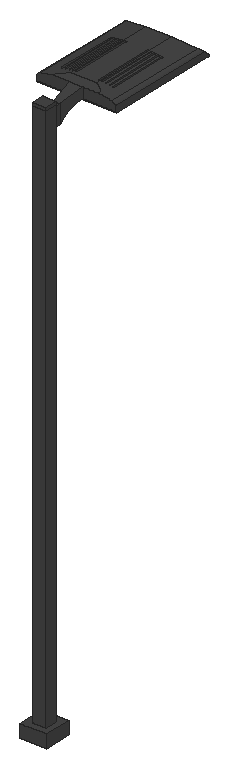
Revit family "ALT240", category Lighting Fixtures, Revit 2014
Parameters (values of type "ALT240")
  Width = 14.00"
  Wattage Comments = "269"
  Voltage = 120 V
  URL = "https://www.hubbell.com/kimlighting/en"
  Type Comments = "Lighting Fixture"  # constant formula
  Series = "Altitude"  # constant formula
  Product Page URL = "https://www.hubbell.com/kimlighting/en/Products/Lighting-Controls/Commercial-Outdoor-Lighting/Area-Site-Roadway/Altitude/p/248453"
  Product Documentation Link = "https://hubbellcdn.com/specsheet/kl_alt240_spec.pdf"
  Power Factor = 1
  Pole Width = 4.00"
  Pole Height [instance] = 180.00"
  Pole = yes
  Photometric Web Link = "https://www.hubbell.com/kimlighting/en/Products/Lighting-Controls/Commercial-Outdoor-Lighting/Area-Site-Roadway/Altitude/p/248453#prod-photometry-section"
  Photometric Notes = "More IES files download on Photometric Web Link"  # constant formula
  Offset From Pole = 6.12"
  Number of Poles = 1
  Model = "ALT240"
  Manufacturer = "KIM Lighting"  # constant formula
  Light source [instance] = Pole Height - 3.50"  # 176.50"
  Lens = Glass - Hubbell -  Lens
  Lamp = "default"
  LED = Powder Coat-Kim-Platinum Silver
  Fixture Height = 7.50"
  Finish = Plastic - Hubbell - Black
  Description = "The ALTITUDE® is the ultimate in luminaire design innovation with a unique balance of form, engineering and superior optics. The low-profile housing is proportional and scalable with three sizes to cover more pedestrian/site/roadway environments than ever before. The result is an architecturally relevant luminaire of unsurpassed quality and flexibility that maximizes the power and performance."  # constant formula
  Depth = 18.44"
  Certifications = "UL Listed"
  Center Width = 3.00"
  Assembly Code = "D5020200"
  Apparent Load = 269 VA
Reference planes (in)
  plane 1 "Light Source Axis (F/B)": y = 0
  plane 2: z = 0
  plane 3 "Light Source Axis (L/R)": x = 1.5
  plane 4 "Light Source Elevation": z = 176.5
  plane 5 "Back": y = -15.34
Dimensions and locks (in)
  "Light source": plane 4 "Light Source Elevation" to plane 2
  aligned and locked: nested 1 to plane 3 "Light Source Axis (L/R)"
  aligned and locked: nested 1 to plane 5 "Back"
  aligned and locked: plane 4 "Light Source Elevation" to nested 2
Nested families (in)
  nested 1: "Kim_Lighting-Square_Pole" at (1.5, -17.34, 0) x (-1, 0, 0) z (0, 0, 1), visible <- "Pole", type "Kim_Lighting-Square_Pole"
    with Width 4.00", Height 180.00", Base Cover 8.625"
  nested 2: "ALT" at (0.24657, -15.34, 172.58501) x (-1, 0, 0) z (0, 1, 0), type "ALT"
Connectors (in)
  electrical at (1.5, -15.34, 18), driven by "Power Factor", driven by "Apparent Load", driven by "Apparent Load", driven by "Voltage", driven by "Number of Poles"
    settings: on nested 1, index 1, voltage 120 V, apparent load 269 VA, apparent load phase1 269 VA, apparent load phase2 0 VA, apparent load phase3 0 VA, power factor 1, load classification "Lighting", number of poles 1, system type 30, power factor state 1, is connector primary yes, connector utility no, sub classification motor no, connector description "Lighting Connector"
Definition of nested family "Kim_Lighting-Square_Pole"
  Parameters
    Width = 5.00"
    URL = "http://www.kimlighting.com/"
    Type Comments = "Non-Tapered Pole"
    Model = "Square Pole"  # constant formula
    Manufacturer = "KIM Lighting"  # constant formula
    Height = 240.00"
    Finish = none
    Base Cover = if(Width = 5.00", 12.625", 8.625")  # 12.625"
  Reference planes (in)
    plane 1 "Center (Front/Back)": y = 0
    plane 2: z = 0
    plane 3 "Center (Left/Right)": x = 0
    plane 4 "Front": y = -2.5
    plane 5 "Left": x = -2.5
    plane 6 "Right": x = 2.5
    plane 7 "Back": y = 2.5
    plane 8 "Top": z = 240
    plane 9: x = -6.3125
    plane 10: x = 6.3125
    plane 11: y = 6.3125
    plane 12: y = -6.3125
    plane 13: z = 18
  Forms (in)
    Extrusion 1, solid, material <- "Finish"
      sketch origin (0, 0, 0) x (1, 0, 0) y (0, 1, 0)
        loop
          line (-2.5, -2.5) -> (2.5, -2.5) -> (2.5, 2.5) -> (-2.5, 2.5) -> (-2.5, -2.5)
      from 0 to 240
    Extrusion 2, solid, material <- "Finish", detail levels medium+fine
      sketch origin (0, 0, 0) x (1, 0, 0) y (0, 1, 0)
        loop
          line (-6.3125, -6.3125) -> (6.3125, -6.3125) -> (6.3125, 6.3125) -> (-6.3125, 6.3125) -> (-6.3125, -6.3125)
        loop
          line (-2.5, -2.5) -> (2.5, -2.5) -> (2.5, 2.5) -> (-2.5, 2.5) -> (-2.5, -2.5)
      from 0 to 4
    Extrusion 3, solid, material <- "Finish", detail levels fine
      sketch origin (0, 0, 0) x (1, 0, 0) y (0, 0, 1)
        loop
          line (-1.5, 15) -> (1.5, 15) -> (1.5, 21) -> (-1.5, 21) -> (-1.5, 15)
      from 2.5 to 2.5625
    Extrusion 4, solid, material <- "Finish", detail levels fine
      sketch origin (0, 0, 240) x (-1, 0, 0) y (0, -1, 0)
        loop
          line (2.5625, 2.5625) -> (-2.5625, 2.5625) -> (-2.5625, -2.5625) -> (2.5625, -2.5625) -> (2.5625, 2.5625)
      from 0.10394 to -0.89606
  Lines and regions (in)
    Masking region 1
      outline origin (0, 0, 0) x (1, 0, 0) y (0, 0, 1)
        loop
          line (-2.5, 0) -> (2.5, 0) -> (2.5, 240) -> (-2.5, 240) -> (-2.5, 0)
    Masking region 2, detail levels medium+fine
      outline origin (0, 0, 0) x (1, 0, 0) y (0, 0, 1)
        loop
          line (-6.3125, 0) -> (6.3125, 0) -> (6.3125, 4) -> (-6.3125, 4) -> (-6.3125, 0)
    Masking region 3, detail levels fine
      outline origin (0, 0, 0) x (1, 0, 0) y (0, 0, 1)
        loop
          line (-2.5625, 239.10394) -> (2.5625, 239.10394) -> (2.5625, 240.10394) -> (-2.5625, 240.10394) -> (-2.5625, 239.10394)
    Masking region 4
      outline origin (0, 0, 0) x (0, 1, 0) y (0, 0, 1)
        loop
          line (2.5, 0) -> (2.5, 240) -> (-2.5, 240) -> (-2.5, 0) -> (2.5, 0)
    Masking region 5, detail levels medium+fine
      outline origin (0, 0, 0) x (0, 1, 0) y (0, 0, 1)
        loop
          line (6.3125, 0) -> (6.3125, 4) -> (-6.3125, 4) -> (-6.3125, 0) -> (6.3125, 0)
    Masking region 6, detail levels fine
      outline origin (0, 0, 0) x (0, 1, 0) y (0, 0, 1)
        loop
          line (2.5625, 239.10394) -> (2.5625, 240.10394) -> (-2.5625, 240.10394) -> (-2.5625, 239.10394) -> (2.5625, 239.10394)
    Masking region 7, detail levels medium+fine
      outline origin (0, 0, 0) x (1, 0, 0) y (0, 1, 0)
        loop
          line (-6.3125, -6.3125) -> (6.3125, -6.3125) -> (6.3125, 6.3125) -> (-6.3125, 6.3125) -> (-6.3125, -6.3125)
        loop
          line (-2.5, -2.5) -> (2.5, -2.5) -> (2.5, 2.5) -> (-2.5, 2.5) -> (-2.5, -2.5)
    Masking region 8
      outline origin (0, 0, 0) x (1, 0, 0) y (0, 1, 0)
        loop
          line (-2.5, -2.5) -> (2.5, -2.5) -> (2.5, 2.5) -> (-2.5, 2.5) -> (-2.5, -2.5)
    symbolic lines, detail levels fine
      curve 1: line (-1.5, 0, 15) -> (1.5, 0, 15)
      curve 2: line (-1.5, 0, 21) -> (-1.5, 0, 15)
      curve 3: line (1.5, 0, 21) -> (-1.5, 0, 21)
      curve 4: line (1.5, 0, 15) -> (1.5, 0, 21)
  Dimensions and locks (in)
    equal spacing: plane 7 "Back", plane 1 "Center (Front/Back)", plane 4 "Front"
    equal spacing: plane 5 "Left", plane 3 "Center (Left/Right)", plane 6 "Right"
    "Width": plane 7 "Back" to plane 4 "Front"
    "Width": plane 5 "Left" to plane 6 "Right"
    plane 3 "Center (Left/Right)" to Extrusion 1 = 2.50"
    "Height": plane 8 "Top" to level
    equal spacing: plane 11, plane 1 "Center (Front/Back)", plane 12
    "Base Cover": plane 11 to plane 12
    equal spacing: plane 9, plane 3 "Center (Left/Right)", plane 10
    "Base Cover": plane 9 to plane 10
    locked: Extrusion 2 to level at 4
    locked: plane 13 to level at 18
    Extrusion 3 sketch curve to plane 13 to Extrusion 3 sketch curve = 3.00" locked, 3.00" locked
    Extrusion 3 sketch curve to plane 3 "Center (Left/Right)" to Extrusion 3 sketch curve = 1.50" locked, 1.50" locked
    locked: plane 4 "Front" to Extrusion 3 at 0.0625
    Extrusion 4 to plane 8 "Top" to Extrusion 4 = 0.10394" locked, 0.89606" locked
    aligned and locked: plane 5 "Left" to Extrusion 1 sketch curve
    aligned and locked: Extrusion 1 sketch curve to plane 4 "Front"
    aligned and locked: plane 7 "Back" to Extrusion 1 sketch curve
    aligned and locked: Extrusion 1 sketch curve to plane 6 "Right"
    aligned and locked: plane 8 "Top" to Extrusion 1
    aligned and locked: plane 9 to Extrusion 2 sketch curve
    aligned and locked: Extrusion 2 sketch curve to plane 12
    aligned and locked: plane 11 to Extrusion 2 sketch curve
    aligned and locked: Extrusion 2 sketch curve to plane 10
    aligned and locked: Extrusion 1 to Extrusion 2 sketch curve
    aligned and locked: Extrusion 2 sketch curve to Extrusion 1  (x3)
    aligned and locked: plane 4 "Front" to Extrusion 3
    aligned: plane 8 "Top" to Extrusion 4
    aligned and locked: Masking region 1 sketch curve to Extrusion 1  (x2)
    aligned and locked: plane 8 "Top" to Masking region 1 sketch curve
    aligned and locked: Masking region 1 sketch curve to plane 6 "Right"
    aligned and locked: Masking region 2 sketch curve to Extrusion 2  (x2)
    aligned and locked: Extrusion 2 to Masking region 2 sketch curve
    aligned and locked: Masking region 2 sketch curve to plane 10
    aligned and locked: Extrusion 3 to curve 1
    aligned and locked: curve 1 to Extrusion 3
    aligned and locked: curve 4 to Extrusion 3  (x2)
    aligned and locked: Masking region 3 sketch curve to Extrusion 4  (x3)
    aligned and locked: Extrusion 4 to Masking region 3 sketch curve
    aligned and locked: Masking region 4 sketch curve to Extrusion 1  (x3)
    aligned and locked: Extrusion 1 to Masking region 4 sketch curve
    aligned and locked: Masking region 5 sketch curve to Extrusion 2  (x3)
    aligned and locked: Extrusion 2 to Masking region 5 sketch curve
    aligned and locked: Masking region 6 sketch curve to Extrusion 4  (x3)
    aligned and locked: Extrusion 4 to Masking region 6 sketch curve
    aligned and locked: Extrusion 2 to Masking region 7 sketch curve
    aligned and locked: Masking region 7 sketch curve to Extrusion 2  (x3)
    aligned and locked: Extrusion 1 to Masking region 8 sketch curve
    aligned and locked: Masking region 8 sketch curve to Extrusion 1  (x3)
    aligned and locked: Extrusion 1 to Masking region 7 sketch curve
    aligned and locked: Masking region 7 sketch curve to Extrusion 1  (x3)
  Automatic sketch dimensions
    Extrusion 4 sketch curve to plane 6 "Right" = 0.0625"
    plane 5 "Left" to Extrusion 4 sketch curve = 0.0625"
    plane 7 "Back" to Extrusion 4 sketch curve = 0.0625"
    Extrusion 4 sketch curve to plane 4 "Front" = 0.0625"
Definition of nested family "ALT"
  Parameters (values of type "ALT")
    Wattage Comments = "70W"
    Wattage = 269 W
    built-in parameter 1150110 = 1 (stored number, unit not read)
    Voltage = 120 V
    URL = "http://www.kimlighting.com/"
    built-in parameter 1114217 = 1 (stored number, unit not read)
    Tilt Angle = 0.00°
    built-in parameter 1150109 = 1 (stored number, unit not read)
    built-in parameter 1150134 = 3
    built-in parameter 1150113 = 1 (stored number, unit not read)
    Product Page URL = "http://www.kimlighting.com/products/altitude/"
    Photometric Web File = "ALT1P35-240L3K.ies"
    Model = "ALT"  # constant formula
    Manufacturer = "Kim Lighting"  # constant formula
    built-in parameter 1150105 = 1798.1 (stored number, unit not read)
    Lumens = 22596 lm
    built-in parameter 1150115 = 1 (stored number, unit not read)
    Load Classification = Lighting
    built-in parameter 1150137 = (empty or 0)
    built-in parameter 1150139 = (empty or 0)
    built-in parameter 1150112 = 1 (stored number, unit not read)
    built-in parameter 1150114 = 1 (stored number, unit not read)
    Lamp = " 60 LEDs"  # constant formula
    LED Driver = none
    built-in parameter 1150132 = (empty or 0)
    built-in parameter 1150102 = (empty or 0)
    built-in parameter 1150107 = 3200 (stored number, unit not read)
    built-in parameter 1150138 = (empty or 0)
    built-in parameter 1150106 = 17.981 (stored number, unit not read)
    Glass Material = Glass - Hubbell -  Lens
    Glass = Glass - Hubbell -  Lens
    built-in parameter 1150104 = 7.8039 (stored number, unit not read)
    Dimming Lamp Color Temperature Shift = (empty or 0)
    Description = "The ultimate in LED luminaire design featuring innovative engineering, thermal management and unique patented1 PicoPrism optics"  # constant formula
    Default Elevation = 48.00"
    Connector Description = "Lighting"  # constant formula
    Color Filter = 16777215
    built-in parameter 1114218 = 1 (stored number, unit not read)
    Backbox = Plastic - Hubbell - Black
    built-in parameter 1150133 = 10 (stored number, unit not read)
    Apparent Load = 0 VA
  Reference planes (in)
    plane 1 "Center (Front/Back)": y = 0.03999
    plane 2: z = 0
    plane 3 "Center (Left/Right)": x = -2.04767
    plane 4: y = 3.91499
    plane 5: y = 8.03999
    plane 6: z = 2
    plane 7: z = 9.75
    plane 8: y = 4.41499
    plane 9: z = 21.375
    plane 10: z = 46.5
    plane 11: x = -14.54767
    plane 12: x = 10.45233
  Forms (in)
    Extrusion 1, solid
      sketch origin (0, 0, 0.06357) x (1, 0, 0) y (0, 1, 0)
        loop
          line (-48, 48) -> (-48, -48) -> (44.30817, -48) -> (44.30817, 48) -> (-48, 48)
      from -0.06357 to -6.74357
    Extrusion 2, solid, material "Plastic - Hubbell - Black" <- "Backbox"
      sketch origin (-2.04767, 0, 0) x (0, 1, 0) y (0, 0, 1)
        loop
          line (3.91499, 10.1309) -> (4.2959, 9.75) -> (7.67966, 9.75)
          arc (7.67966, 9.75) -> (7.87824, 11.2487) -> (8.038, 12.75203) r 58.45778
          line (8.038, 12.75203) -> (8.038, 42.5842) -> (4.21269, 46.4115)
          arc (4.21269, 46.4115) -> (4.02265, 46.44934) -> (3.91499, 46.28823) r 0.17437
          line (3.91499, 46.28823) -> (3.91499, 10.1309)
      from -12.5 to 12.5
    Extrusion 3, solid, material "Plastic - Hubbell - Black" <- "Backbox"
      sketch origin (-2.04767, 0, 0) x (0, 1, 0) y (0, 0, 1)
        loop
          arc (6.00731, 2) -> (6.97503, 5.84662) -> (7.67966, 9.75) r 58.45778
          line (7.67966, 9.75) -> (4.2959, 9.75)
          arc (4.2959, 9.75) -> (2.99944, 5.41838) -> (0.03999, 2) r 10.77544
          line (0.03999, 2) -> (6.00731, 2)
      from -8.5 to 8.5
    Extrusion 4, solid, material "Plastic - Hubbell - Black" <- "Backbox"
      sketch origin (-2.04767, 0, 0) x (0, 1, 0) y (0, 0, 1)
        loop
          arc (5.39238, 0) -> (5.7088, 0.99725) -> (6.00731, 2) r 58.45778
          line (6.00731, 2) -> (0.03999, 2) -> (0.03999, 0) -> (5.39238, 0)
      from -8.5 to 8.5
    Extrusion 5, void
      sketch origin (0, 0.03999, 0) x (1, 0, 0) y (0, 0, 1)
        loop
          line (0.04152, 9.75) -> (-1.04767, 2) -> (-1.04767, 0) -> (6.45233, 0) -> (6.45233, 9.75) -> (0.04152, 9.75)
        loop
          line (-4.13686, 9.75) -> (-10.54767, 9.75) -> (-10.54767, 0) -> (-3.04767, 0) -> (-3.04767, 2) -> (-4.13686, 9.75)
      from -8 to 0
    Extrusion 6, void
      sketch origin (0, 0.03999, 0) x (1, 0, 0) y (0, 0, 1)
        loop
          line (7.93508, 39) -> (-11.84038, 39) -> (-11.84038, 15.5673) -> (7.93508, 15.5673) -> (7.93508, 39)
      from -5.63501 to -3.875
    Extrusion 7, solid, material "Glass - Hubbell -  Lens" <- "Glass"
      sketch origin (-2.04767, 0, 0) x (0, 1, 0) y (0, 0, 1)
        loop
          line (3.91499, 15.5673) -> (4.41499, 15.5673) -> (4.41499, 39) -> (3.91499, 39) -> (3.91499, 15.5673)
      from -9.79271 to 9.98275
    Extrusion 8, void
      sketch origin (-2.4276, 0.40583, 0) x (-0.98729, -0.158926, 0) y (0, 0, -1)
        loop
          line (3.2306, -33.65381) -> (3.2306, -14.40381) -> (2.7306, -14.40381) -> (2.7306, -33.65381) -> (3.2306, -33.65381)
        loop
          line (4.3556, -33.65381) -> (4.3556, -14.40381) -> (3.8556, -14.40381) -> (3.8556, -33.65381) -> (4.3556, -33.65381)
        loop
          line (5.6056, -33.65381) -> (5.6056, -14.40381) -> (5.1056, -14.40381) -> (5.1056, -33.65381) -> (5.6056, -33.65381)
        loop
          line (6.7306, -33.65381) -> (6.7306, -14.40381) -> (6.2306, -14.40381) -> (6.2306, -33.65381) -> (6.7306, -33.65381)
        loop
          line (2.2306, -33.65381) -> (2.2306, -14.40381) -> (1.7306, -14.40381) -> (1.7306, -33.65381) -> (2.2306, -33.65381)
      from -9.06872 to -7.24417
    Extrusion 9, solid, material <- "LED Driver"
      sketch origin (5.47397, -179.89764, 22.76642) x (0, 0, -1) y (0, -1, 0)
        loop
          line (6.05585, -185.56694) -> (7.01439, -185.56694)
          arc (7.01439, -185.56694) -> (6.96846, -185.03619) -> (6.75322, -184.54888) r 1.62363
          line (6.75322, -184.54888) -> (5.5006, -184.54888)
          arc (5.5006, -184.54888) -> (5.87786, -185.00357) -> (6.05585, -185.56694) r 1.53777
      from 1.98786 to 4.1619
    Extrusion 10, solid, material "Glass - Hubbell -  Lens" <- "Glass Material"
      sketch origin (-2.09746, -172.92664, 68.39877) x (-0.000372, 0.978148, -0.207911) y (-0.999998, 0, 0.001789)
        loop
          line (184.54888, -5.42074) -> (184.54888, -4.67074) -> (184.41762, -4.80201) -> (184.32071, -4.70511)
          arc (184.32071, -4.70511) -> (184.26716, -5.04574) -> (184.32071, -5.38637) r 1.11021
          line (184.32071, -5.38637) -> (184.41762, -5.28947) -> (184.54888, -5.42074)
        loop
          line (184.54888, -3.8381) -> (184.41038, -3.9766) -> (184.30814, -3.87436)
          arc (184.30814, -3.87436) -> (184.25164, -4.23376) -> (184.30814, -4.59316) r 1.17138
          line (184.30814, -4.59316) -> (184.41038, -4.49092) -> (184.54888, -4.62942) -> (184.54888, -3.8381)
      from -14.15361 to -13.40215
    Extrusion 11, solid, material <- "LED Driver"
      sketch origin (7.898, -179.89764, 22.76642) x (0, 0, -1) y (0, -1, 0)
        loop
          line (6.05585, -185.56694) -> (7.01439, -185.56694)
          arc (7.01439, -185.56694) -> (6.96846, -185.03619) -> (6.75322, -184.54888) r 1.62363
          line (6.75322, -184.54888) -> (5.5006, -184.54888)
          arc (5.5006, -184.54888) -> (5.87786, -185.00357) -> (6.05585, -185.56694) r 1.53777
      from 1.98786 to 4.1619
    Extrusion 12, solid, material "Glass - Hubbell -  Lens" <- "Glass Material"
      sketch origin (0.32658, -172.92664, 68.39877) x (-0.000372, 0.978148, -0.207911) y (-0.999998, 0, 0.001789)
        loop
          line (184.54888, -5.42074) -> (184.54888, -4.67074) -> (184.41762, -4.80201) -> (184.32071, -4.70511)
          arc (184.32071, -4.70511) -> (184.26716, -5.04574) -> (184.32071, -5.38637) r 1.11021
          line (184.32071, -5.38637) -> (184.41762, -5.28947) -> (184.54888, -5.42074)
        loop
          line (184.54888, -3.8381) -> (184.41038, -3.9766) -> (184.30814, -3.87436)
          arc (184.30814, -3.87436) -> (184.25164, -4.23376) -> (184.30814, -4.59316) r 1.17138
          line (184.30814, -4.59316) -> (184.41038, -4.49092) -> (184.54888, -4.62942) -> (184.54888, -3.8381)
      from -14.15361 to -13.40215
    Extrusion 13, void
      sketch origin (0, 0, 1.5) x (1, 0, 0) y (0, 1, 0)
        loop
          arc (0.30732, 8.09817) -> (4.79575, 7.79186) -> (9.20349, 6.8909) r 33.72732
          arc (9.20349, 6.8909) -> (10.10724, 6.38776) -> (10.61661, 5.4875) r 1.91169
          line (10.61661, 5.4875) -> (10.61661, 9.16499) -> (0.30732, 9.16499) -> (0.30732, 8.09817)
        loop
          line (-4.40255, 8.07943) -> (-4.40255, 8.91607) -> (-14.67959, 8.91607) -> (-14.67959, 5.4875)
          arc (-14.67959, 5.4875) -> (-14.18719, 6.37248) -> (-13.3051, 6.87004) r 1.86653
          arc (-13.3051, 6.87004) -> (-8.89429, 7.77258) -> (-4.40255, 8.07943) r 33.71838
      from 7.75792 to 45
    Extrusion 14, solid, material <- "LED Driver"
      sketch origin (-4.19739, -179.89764, 24.97483) x (0.866025, 0, -0.5) y (0, -1, 0)
        loop
          line (6.05585, -185.56694) -> (7.01439, -185.56694)
          arc (7.01439, -185.56694) -> (6.96846, -185.03619) -> (6.75322, -184.54888) r 1.62363
          line (6.75322, -184.54888) -> (5.5006, -184.54888)
          arc (5.5006, -184.54888) -> (5.87786, -185.00357) -> (6.05585, -185.56694) r 1.53777
      from 1.98786 to 4.1619
    Extrusion 15, solid, material "Glass - Hubbell -  Lens" <- "Glass Material"
      sketch origin (-47.50188, -172.92664, 41.23396) x (0.179871, 0.978148, -0.104278) y (-0.501549, 0, -0.865129)
        loop
          line (184.54888, -5.42074) -> (184.54888, -4.67074) -> (184.41762, -4.80201) -> (184.32071, -4.70511)
          arc (184.32071, -4.70511) -> (184.26716, -5.04574) -> (184.32071, -5.38637) r 1.11021
          line (184.32071, -5.38637) -> (184.41762, -5.28947) -> (184.54888, -5.42074)
        loop
          line (184.54888, -3.8381) -> (184.41038, -3.9766) -> (184.30814, -3.87436)
          arc (184.30814, -3.87436) -> (184.25164, -4.23376) -> (184.30814, -4.59316) r 1.17138
          line (184.30814, -4.59316) -> (184.41038, -4.49092) -> (184.54888, -4.62942) -> (184.54888, -3.8381)
      from -14.15361 to -13.40215
    Extrusion 16, void
      sketch origin (-1.66774, 0.40583, 0) x (0.98729, -0.158926, 0) y (0, 0, 1)
        loop
          line (3.2306, 33.65381) -> (2.7306, 33.65381) -> (2.7306, 14.40381) -> (3.2306, 14.40381) -> (3.2306, 33.65381)
        loop
          line (4.3556, 33.65381) -> (3.8556, 33.65381) -> (3.8556, 14.40381) -> (4.3556, 14.40381) -> (4.3556, 33.65381)
        loop
          line (5.6056, 33.65381) -> (5.1056, 33.65381) -> (5.1056, 14.40381) -> (5.6056, 14.40381) -> (5.6056, 33.65381)
        loop
          line (6.7306, 33.65381) -> (6.2306, 33.65381) -> (6.2306, 14.40381) -> (6.7306, 14.40381) -> (6.7306, 33.65381)
        loop
          line (2.2306, 33.65381) -> (1.7306, 33.65381) -> (1.7306, 14.40381) -> (2.2306, 14.40381) -> (2.2306, 33.65381)
      from -9.06872 to -7.24417
    Extrusion 17, solid, material <- "LED Driver"
      sketch origin (3.22397, -179.89764, 22.76642) x (0, 0, -1) y (0, -1, 0)
        loop
          line (6.05585, -185.56694) -> (7.01439, -185.56694)
          arc (7.01439, -185.56694) -> (6.96846, -185.03619) -> (6.75322, -184.54888) r 1.62363
          line (6.75322, -184.54888) -> (5.5006, -184.54888)
          arc (5.5006, -184.54888) -> (5.87786, -185.00357) -> (6.05585, -185.56694) r 1.53777
      from 1.98786 to 4.1619
    Extrusion 18, solid, material "Glass - Hubbell -  Lens" <- "Glass Material"
      sketch origin (-4.34746, -172.92664, 68.39877) x (-0.000372, 0.978148, -0.207911) y (-0.999998, 0, 0.001789)
        loop
          line (184.54888, -5.42074) -> (184.54888, -4.67074) -> (184.41762, -4.80201) -> (184.32071, -4.70511)
          arc (184.32071, -4.70511) -> (184.26716, -5.04574) -> (184.32071, -5.38637) r 1.11021
          line (184.32071, -5.38637) -> (184.41762, -5.28947) -> (184.54888, -5.42074)
        loop
          line (184.54888, -3.8381) -> (184.41038, -3.9766) -> (184.30814, -3.87436)
          arc (184.30814, -3.87436) -> (184.25164, -4.23376) -> (184.30814, -4.59316) r 1.17138
          line (184.30814, -4.59316) -> (184.41038, -4.49092) -> (184.54888, -4.62942) -> (184.54888, -3.8381)
      from -14.15361 to -13.40215
    Extrusion 19, solid, material <- "LED Driver"
      sketch origin (0.97397, -179.89764, 22.76642) x (0, 0, -1) y (0, -1, 0)
        loop
          line (6.05585, -185.56694) -> (7.01439, -185.56694)
          arc (7.01439, -185.56694) -> (6.96846, -185.03619) -> (6.75322, -184.54888) r 1.62363
          line (6.75322, -184.54888) -> (5.5006, -184.54888)
          arc (5.5006, -184.54888) -> (5.87786, -185.00357) -> (6.05585, -185.56694) r 1.53777
      from 1.98786 to 4.1619
    Extrusion 20, solid, material "Glass - Hubbell -  Lens" <- "Glass Material"
      sketch origin (-6.59746, -172.92664, 68.39877) x (-0.000372, 0.978148, -0.207911) y (-0.999998, 0, 0.001789)
        loop
          line (184.54888, -5.42074) -> (184.54888, -4.67074) -> (184.41762, -4.80201) -> (184.32071, -4.70511)
          arc (184.32071, -4.70511) -> (184.26716, -5.04574) -> (184.32071, -5.38637) r 1.11021
          line (184.32071, -5.38637) -> (184.41762, -5.28947) -> (184.54888, -5.42074)
        loop
          line (184.54888, -3.8381) -> (184.41038, -3.9766) -> (184.30814, -3.87436)
          arc (184.30814, -3.87436) -> (184.25164, -4.23376) -> (184.30814, -4.59316) r 1.17138
          line (184.30814, -4.59316) -> (184.41038, -4.49092) -> (184.54888, -4.62942) -> (184.54888, -3.8381)
      from -14.15361 to -13.40215
    Extrusion 21, solid, material <- "LED Driver"
      sketch origin (-9.56931, -179.89764, 22.76642) x (0, 0, -1) y (0, 1, 0)
        loop
          arc (6.05585, 185.56694) -> (5.87786, 185.00357) -> (5.5006, 184.54888) r 1.53777
          line (5.5006, 184.54888) -> (6.75322, 184.54888)
          arc (6.75322, 184.54888) -> (6.96846, 185.03619) -> (7.01439, 185.56694) r 1.62363
          line (7.01439, 185.56694) -> (6.05585, 185.56694)
      from 1.98786 to 4.1619
    Extrusion 22, solid, material "Glass - Hubbell -  Lens" <- "Glass Material"
      sketch origin (-1.99788, -172.92664, 68.39877) x (0.000372, 0.978148, -0.207911) y (-0.999998, 0, -0.001789)
        loop
          line (184.54888, 5.42074) -> (184.41762, 5.28947) -> (184.32071, 5.38637)
          arc (184.32071, 5.38637) -> (184.26716, 5.04574) -> (184.32071, 4.70511) r 1.11021
          line (184.32071, 4.70511) -> (184.41762, 4.80201) -> (184.54888, 4.67074) -> (184.54888, 5.42074)
        loop
          line (184.54888, 3.8381) -> (184.54888, 4.62942) -> (184.41038, 4.49092) -> (184.30814, 4.59316)
          arc (184.30814, 4.59316) -> (184.25164, 4.23376) -> (184.30814, 3.87436) r 1.17138
          line (184.30814, 3.87436) -> (184.41038, 3.9766) -> (184.54888, 3.8381)
      from -14.15361 to -13.40215
    Extrusion 23, solid, material <- "LED Driver"
      sketch origin (-11.99334, -179.89764, 22.76642) x (0, 0, -1) y (0, 1, 0)
        loop
          arc (6.05585, 185.56694) -> (5.87786, 185.00357) -> (5.5006, 184.54888) r 1.53777
          line (5.5006, 184.54888) -> (6.75322, 184.54888)
          arc (6.75322, 184.54888) -> (6.96846, 185.03619) -> (7.01439, 185.56694) r 1.62363
          line (7.01439, 185.56694) -> (6.05585, 185.56694)
      from 1.98786 to 4.1619
    Extrusion 24, solid, material "Glass - Hubbell -  Lens" <- "Glass Material"
      sketch origin (-4.42192, -172.92664, 68.39877) x (0.000372, 0.978148, -0.207911) y (-0.999998, 0, -0.001789)
        loop
          line (184.54888, 5.42074) -> (184.41762, 5.28947) -> (184.32071, 5.38637)
          arc (184.32071, 5.38637) -> (184.26716, 5.04574) -> (184.32071, 4.70511) r 1.11021
          line (184.32071, 4.70511) -> (184.41762, 4.80201) -> (184.54888, 4.67074) -> (184.54888, 5.42074)
        loop
          line (184.54888, 3.8381) -> (184.54888, 4.62942) -> (184.41038, 4.49092) -> (184.30814, 4.59316)
          arc (184.30814, 4.59316) -> (184.25164, 4.23376) -> (184.30814, 3.87436) r 1.17138
          line (184.30814, 3.87436) -> (184.41038, 3.9766) -> (184.54888, 3.8381)
      from -14.15361 to -13.40215
    Extrusion 25, solid, material <- "LED Driver"
      sketch origin (-7.31931, -179.89764, 22.76642) x (0, 0, -1) y (0, 1, 0)
        loop
          arc (6.05585, 185.56694) -> (5.87786, 185.00357) -> (5.5006, 184.54888) r 1.53777
          line (5.5006, 184.54888) -> (6.75322, 184.54888)
          arc (6.75322, 184.54888) -> (6.96846, 185.03619) -> (7.01439, 185.56694) r 1.62363
          line (7.01439, 185.56694) -> (6.05585, 185.56694)
      from 1.98786 to 4.1619
    Extrusion 26, solid, material "Glass - Hubbell -  Lens" <- "Glass Material"
      sketch origin (0.25212, -172.92664, 68.39877) x (0.000372, 0.978148, -0.207911) y (-0.999998, 0, -0.001789)
        loop
          line (184.54888, 5.42074) -> (184.41762, 5.28947) -> (184.32071, 5.38637)
          arc (184.32071, 5.38637) -> (184.26716, 5.04574) -> (184.32071, 4.70511) r 1.11021
          line (184.32071, 4.70511) -> (184.41762, 4.80201) -> (184.54888, 4.67074) -> (184.54888, 5.42074)
        loop
          line (184.54888, 3.8381) -> (184.54888, 4.62942) -> (184.41038, 4.49092) -> (184.30814, 4.59316)
          arc (184.30814, 4.59316) -> (184.25164, 4.23376) -> (184.30814, 3.87436) r 1.17138
          line (184.30814, 3.87436) -> (184.41038, 3.9766) -> (184.54888, 3.8381)
      from -14.15361 to -13.40215
    Extrusion 27, solid, material <- "LED Driver"
      sketch origin (-2.08393, -179.89764, 24.97483) x (0.866025, 0, -0.5) y (0, -1, 0)
        loop
          line (6.05585, -185.56694) -> (7.01439, -185.56694)
          arc (7.01439, -185.56694) -> (6.96846, -185.03619) -> (6.75322, -184.54888) r 1.62363
          line (6.75322, -184.54888) -> (5.5006, -184.54888)
          arc (5.5006, -184.54888) -> (5.87786, -185.00357) -> (6.05585, -185.56694) r 1.53777
      from 1.98786 to 4.1619
    Extrusion 28, solid, material "Glass - Hubbell -  Lens" <- "Glass Material"
      sketch origin (-45.38842, -172.92664, 41.23396) x (0.179871, 0.978148, -0.104278) y (-0.501549, 0, -0.865129)
        loop
          line (184.54888, -5.42074) -> (184.54888, -4.67074) -> (184.41762, -4.80201) -> (184.32071, -4.70511)
          arc (184.32071, -4.70511) -> (184.26716, -5.04574) -> (184.32071, -5.38637) r 1.11021
          line (184.32071, -5.38637) -> (184.41762, -5.28947) -> (184.54888, -5.42074)
        loop
          line (184.54888, -3.8381) -> (184.41038, -3.9766) -> (184.30814, -3.87436)
          arc (184.30814, -3.87436) -> (184.25164, -4.23376) -> (184.30814, -4.59316) r 1.17138
          line (184.30814, -4.59316) -> (184.41038, -4.49092) -> (184.54888, -4.62942) -> (184.54888, -3.8381)
      from -14.15361 to -13.40215
    Extrusion 29, solid, material <- "LED Driver"
      sketch origin (0.17988, -179.89764, 24.97483) x (0.866025, 0, -0.5) y (0, -1, 0)
        loop
          line (6.05585, -185.56694) -> (7.01439, -185.56694)
          arc (7.01439, -185.56694) -> (6.96846, -185.03619) -> (6.75322, -184.54888) r 1.62363
          line (6.75322, -184.54888) -> (5.5006, -184.54888)
          arc (5.5006, -184.54888) -> (5.87786, -185.00357) -> (6.05585, -185.56694) r 1.53777
      from 1.98786 to 4.1619
    Extrusion 30, solid, material "Glass - Hubbell -  Lens" <- "Glass Material"
      sketch origin (-43.12461, -172.92664, 41.23396) x (0.179871, 0.978148, -0.104278) y (-0.501549, 0, -0.865129)
        loop
          line (184.54888, -5.42074) -> (184.54888, -4.67074) -> (184.41762, -4.80201) -> (184.32071, -4.70511)
          arc (184.32071, -4.70511) -> (184.26716, -5.04574) -> (184.32071, -5.38637) r 1.11021
          line (184.32071, -5.38637) -> (184.41762, -5.28947) -> (184.54888, -5.42074)
        loop
          line (184.54888, -3.8381) -> (184.41038, -3.9766) -> (184.30814, -3.87436)
          arc (184.30814, -3.87436) -> (184.25164, -4.23376) -> (184.30814, -4.59316) r 1.17138
          line (184.30814, -4.59316) -> (184.41038, -4.49092) -> (184.54888, -4.62942) -> (184.54888, -3.8381)
      from -14.15361 to -13.40215
    Extrusion 31, solid, material <- "LED Driver"
      sketch origin (-4.19739, -179.89764, 27.97483) x (0.866025, 0, -0.5) y (0, -1, 0)
        loop
          line (6.05585, -185.56694) -> (7.01439, -185.56694)
          arc (7.01439, -185.56694) -> (6.96846, -185.03619) -> (6.75322, -184.54888) r 1.62363
          line (6.75322, -184.54888) -> (5.5006, -184.54888)
          arc (5.5006, -184.54888) -> (5.87786, -185.00357) -> (6.05585, -185.56694) r 1.53777
      from 1.98786 to 4.1619
    Extrusion 32, solid, material "Glass - Hubbell -  Lens" <- "Glass Material"
      sketch origin (-47.50188, -172.92664, 44.23396) x (0.179871, 0.978148, -0.104278) y (-0.501549, 0, -0.865129)
        loop
          line (184.54888, -5.42074) -> (184.54888, -4.67074) -> (184.41762, -4.80201) -> (184.32071, -4.70511)
          arc (184.32071, -4.70511) -> (184.26716, -5.04574) -> (184.32071, -5.38637) r 1.11021
          line (184.32071, -5.38637) -> (184.41762, -5.28947) -> (184.54888, -5.42074)
        loop
          line (184.54888, -3.8381) -> (184.41038, -3.9766) -> (184.30814, -3.87436)
          arc (184.30814, -3.87436) -> (184.25164, -4.23376) -> (184.30814, -4.59316) r 1.17138
          line (184.30814, -4.59316) -> (184.41038, -4.49092) -> (184.54888, -4.62942) -> (184.54888, -3.8381)
      from -14.15361 to -13.40215
    Extrusion 33, solid, material <- "LED Driver"
      sketch origin (-2.08393, -179.89764, 27.97483) x (0.866025, 0, -0.5) y (0, -1, 0)
        loop
          line (6.05585, -185.56694) -> (7.01439, -185.56694)
          arc (7.01439, -185.56694) -> (6.96846, -185.03619) -> (6.75322, -184.54888) r 1.62363
          line (6.75322, -184.54888) -> (5.5006, -184.54888)
          arc (5.5006, -184.54888) -> (5.87786, -185.00357) -> (6.05585, -185.56694) r 1.53777
      from 1.98786 to 4.1619
    Extrusion 34, solid, material "Glass - Hubbell -  Lens" <- "Glass Material"
      sketch origin (-45.38842, -172.92664, 44.23396) x (0.179871, 0.978148, -0.104278) y (-0.501549, 0, -0.865129)
        loop
          line (184.54888, -5.42074) -> (184.54888, -4.67074) -> (184.41762, -4.80201) -> (184.32071, -4.70511)
          arc (184.32071, -4.70511) -> (184.26716, -5.04574) -> (184.32071, -5.38637) r 1.11021
          line (184.32071, -5.38637) -> (184.41762, -5.28947) -> (184.54888, -5.42074)
        loop
          line (184.54888, -3.8381) -> (184.41038, -3.9766) -> (184.30814, -3.87436)
          arc (184.30814, -3.87436) -> (184.25164, -4.23376) -> (184.30814, -4.59316) r 1.17138
          line (184.30814, -4.59316) -> (184.41038, -4.49092) -> (184.54888, -4.62942) -> (184.54888, -3.8381)
      from -14.15361 to -13.40215
    Extrusion 35, solid, material <- "LED Driver"
      sketch origin (0.17988, -179.89764, 27.97483) x (0.866025, 0, -0.5) y (0, -1, 0)
        loop
          line (6.05585, -185.56694) -> (7.01439, -185.56694)
          arc (7.01439, -185.56694) -> (6.96846, -185.03619) -> (6.75322, -184.54888) r 1.62363
          line (6.75322, -184.54888) -> (5.5006, -184.54888)
          arc (5.5006, -184.54888) -> (5.87786, -185.00357) -> (6.05585, -185.56694) r 1.53777
      from 1.98786 to 4.1619
    Extrusion 36, solid, material "Glass - Hubbell -  Lens" <- "Glass Material"
      sketch origin (-43.12461, -172.92664, 44.23396) x (0.179871, 0.978148, -0.104278) y (-0.501549, 0, -0.865129)
        loop
          line (184.54888, -5.42074) -> (184.54888, -4.67074) -> (184.41762, -4.80201) -> (184.32071, -4.70511)
          arc (184.32071, -4.70511) -> (184.26716, -5.04574) -> (184.32071, -5.38637) r 1.11021
          line (184.32071, -5.38637) -> (184.41762, -5.28947) -> (184.54888, -5.42074)
        loop
          line (184.54888, -3.8381) -> (184.41038, -3.9766) -> (184.30814, -3.87436)
          arc (184.30814, -3.87436) -> (184.25164, -4.23376) -> (184.30814, -4.59316) r 1.17138
          line (184.30814, -4.59316) -> (184.41038, -4.49092) -> (184.54888, -4.62942) -> (184.54888, -3.8381)
      from -14.15361 to -13.40215
    Extrusion 37, solid, material <- "LED Driver"
      sketch origin (-4.19739, -179.89764, 30.72483) x (0.866025, 0, -0.5) y (0, -1, 0)
        loop
          line (6.05585, -185.56694) -> (7.01439, -185.56694)
          arc (7.01439, -185.56694) -> (6.96846, -185.03619) -> (6.75322, -184.54888) r 1.62363
          line (6.75322, -184.54888) -> (5.5006, -184.54888)
          arc (5.5006, -184.54888) -> (5.87786, -185.00357) -> (6.05585, -185.56694) r 1.53777
      from 1.98786 to 4.1619
    Extrusion 38, solid, material "Glass - Hubbell -  Lens" <- "Glass Material"
      sketch origin (-47.50188, -172.92664, 46.98396) x (0.179871, 0.978148, -0.104278) y (-0.501549, 0, -0.865129)
        loop
          line (184.54888, -5.42074) -> (184.54888, -4.67074) -> (184.41762, -4.80201) -> (184.32071, -4.70511)
          arc (184.32071, -4.70511) -> (184.26716, -5.04574) -> (184.32071, -5.38637) r 1.11021
          line (184.32071, -5.38637) -> (184.41762, -5.28947) -> (184.54888, -5.42074)
        loop
          line (184.54888, -3.8381) -> (184.41038, -3.9766) -> (184.30814, -3.87436)
          arc (184.30814, -3.87436) -> (184.25164, -4.23376) -> (184.30814, -4.59316) r 1.17138
          line (184.30814, -4.59316) -> (184.41038, -4.49092) -> (184.54888, -4.62942) -> (184.54888, -3.8381)
      from -14.15361 to -13.40215
    Extrusion 39, solid, material <- "LED Driver"
      sketch origin (-2.08393, -179.89764, 30.72483) x (0.866025, 0, -0.5) y (0, -1, 0)
        loop
          line (6.05585, -185.56694) -> (7.01439, -185.56694)
          arc (7.01439, -185.56694) -> (6.96846, -185.03619) -> (6.75322, -184.54888) r 1.62363
          line (6.75322, -184.54888) -> (5.5006, -184.54888)
          arc (5.5006, -184.54888) -> (5.87786, -185.00357) -> (6.05585, -185.56694) r 1.53777
      from 1.98786 to 4.1619
    Extrusion 40, solid, material "Glass - Hubbell -  Lens" <- "Glass Material"
      sketch origin (-45.38842, -172.92664, 46.98396) x (0.179871, 0.978148, -0.104278) y (-0.501549, 0, -0.865129)
        loop
          line (184.54888, -5.42074) -> (184.54888, -4.67074) -> (184.41762, -4.80201) -> (184.32071, -4.70511)
          arc (184.32071, -4.70511) -> (184.26716, -5.04574) -> (184.32071, -5.38637) r 1.11021
          line (184.32071, -5.38637) -> (184.41762, -5.28947) -> (184.54888, -5.42074)
        loop
          line (184.54888, -3.8381) -> (184.41038, -3.9766) -> (184.30814, -3.87436)
          arc (184.30814, -3.87436) -> (184.25164, -4.23376) -> (184.30814, -4.59316) r 1.17138
          line (184.30814, -4.59316) -> (184.41038, -4.49092) -> (184.54888, -4.62942) -> (184.54888, -3.8381)
      from -14.15361 to -13.40215
    Extrusion 41, solid, material <- "LED Driver"
      sketch origin (0.17988, -179.89764, 30.72483) x (0.866025, 0, -0.5) y (0, -1, 0)
        loop
          line (6.05585, -185.56694) -> (7.01439, -185.56694)
          arc (7.01439, -185.56694) -> (6.96846, -185.03619) -> (6.75322, -184.54888) r 1.62363
          line (6.75322, -184.54888) -> (5.5006, -184.54888)
          arc (5.5006, -184.54888) -> (5.87786, -185.00357) -> (6.05585, -185.56694) r 1.53777
      from 1.98786 to 4.1619
    Extrusion 42, solid, material "Glass - Hubbell -  Lens" <- "Glass Material"
      sketch origin (-43.12461, -172.92664, 46.98396) x (0.179871, 0.978148, -0.104278) y (-0.501549, 0, -0.865129)
        loop
          line (184.54888, -5.42074) -> (184.54888, -4.67074) -> (184.41762, -4.80201) -> (184.32071, -4.70511)
          arc (184.32071, -4.70511) -> (184.26716, -5.04574) -> (184.32071, -5.38637) r 1.11021
          line (184.32071, -5.38637) -> (184.41762, -5.28947) -> (184.54888, -5.42074)
        loop
          line (184.54888, -3.8381) -> (184.41038, -3.9766) -> (184.30814, -3.87436)
          arc (184.30814, -3.87436) -> (184.25164, -4.23376) -> (184.30814, -4.59316) r 1.17138
          line (184.30814, -4.59316) -> (184.41038, -4.49092) -> (184.54888, -4.62942) -> (184.54888, -3.8381)
      from -14.15361 to -13.40215
    Extrusion 43, solid, material <- "LED Driver"
      sketch origin (-4.19739, -179.89764, 33.59983) x (0.866025, 0, -0.5) y (0, -1, 0)
        loop
          line (6.05585, -185.56694) -> (7.01439, -185.56694)
          arc (7.01439, -185.56694) -> (6.96846, -185.03619) -> (6.75322, -184.54888) r 1.62363
          line (6.75322, -184.54888) -> (5.5006, -184.54888)
          arc (5.5006, -184.54888) -> (5.87786, -185.00357) -> (6.05585, -185.56694) r 1.53777
      from 1.98786 to 4.1619
    Extrusion 44, solid, material "Glass - Hubbell -  Lens" <- "Glass Material"
      sketch origin (-47.50188, -172.92664, 49.85896) x (0.179871, 0.978148, -0.104278) y (-0.501549, 0, -0.865129)
        loop
          line (184.54888, -5.42074) -> (184.54888, -4.67074) -> (184.41762, -4.80201) -> (184.32071, -4.70511)
          arc (184.32071, -4.70511) -> (184.26716, -5.04574) -> (184.32071, -5.38637) r 1.11021
          line (184.32071, -5.38637) -> (184.41762, -5.28947) -> (184.54888, -5.42074)
        loop
          line (184.54888, -3.8381) -> (184.41038, -3.9766) -> (184.30814, -3.87436)
          arc (184.30814, -3.87436) -> (184.25164, -4.23376) -> (184.30814, -4.59316) r 1.17138
          line (184.30814, -4.59316) -> (184.41038, -4.49092) -> (184.54888, -4.62942) -> (184.54888, -3.8381)
      from -14.15361 to -13.40215
    Extrusion 45, solid, material <- "LED Driver"
      sketch origin (-2.08393, -179.89764, 33.59983) x (0.866025, 0, -0.5) y (0, -1, 0)
        loop
          line (6.05585, -185.56694) -> (7.01439, -185.56694)
          arc (7.01439, -185.56694) -> (6.96846, -185.03619) -> (6.75322, -184.54888) r 1.62363
          line (6.75322, -184.54888) -> (5.5006, -184.54888)
          arc (5.5006, -184.54888) -> (5.87786, -185.00357) -> (6.05585, -185.56694) r 1.53777
      from 1.98786 to 4.1619
    Extrusion 46, solid, material "Glass - Hubbell -  Lens" <- "Glass Material"
      sketch origin (-45.38842, -172.92664, 49.85896) x (0.179871, 0.978148, -0.104278) y (-0.501549, 0, -0.865129)
        loop
          line (184.54888, -5.42074) -> (184.54888, -4.67074) -> (184.41762, -4.80201) -> (184.32071, -4.70511)
          arc (184.32071, -4.70511) -> (184.26716, -5.04574) -> (184.32071, -5.38637) r 1.11021
          line (184.32071, -5.38637) -> (184.41762, -5.28947) -> (184.54888, -5.42074)
        loop
          line (184.54888, -3.8381) -> (184.41038, -3.9766) -> (184.30814, -3.87436)
          arc (184.30814, -3.87436) -> (184.25164, -4.23376) -> (184.30814, -4.59316) r 1.17138
          line (184.30814, -4.59316) -> (184.41038, -4.49092) -> (184.54888, -4.62942) -> (184.54888, -3.8381)
      from -14.15361 to -13.40215
    Extrusion 47, solid, material <- "LED Driver"
      sketch origin (0.17988, -179.89764, 33.59983) x (0.866025, 0, -0.5) y (0, -1, 0)
        loop
          line (6.05585, -185.56694) -> (7.01439, -185.56694)
          arc (7.01439, -185.56694) -> (6.96846, -185.03619) -> (6.75322, -184.54888) r 1.62363
          line (6.75322, -184.54888) -> (5.5006, -184.54888)
          arc (5.5006, -184.54888) -> (5.87786, -185.00357) -> (6.05585, -185.56694) r 1.53777
      from 1.98786 to 4.1619
    Extrusion 48, solid, material "Glass - Hubbell -  Lens" <- "Glass Material"
      sketch origin (-43.12461, -172.92664, 49.85896) x (0.179871, 0.978148, -0.104278) y (-0.501549, 0, -0.865129)
        loop
          line (184.54888, -5.42074) -> (184.54888, -4.67074) -> (184.41762, -4.80201) -> (184.32071, -4.70511)
          arc (184.32071, -4.70511) -> (184.26716, -5.04574) -> (184.32071, -5.38637) r 1.11021
          line (184.32071, -5.38637) -> (184.41762, -5.28947) -> (184.54888, -5.42074)
        loop
          line (184.54888, -3.8381) -> (184.41038, -3.9766) -> (184.30814, -3.87436)
          arc (184.30814, -3.87436) -> (184.25164, -4.23376) -> (184.30814, -4.59316) r 1.17138
          line (184.30814, -4.59316) -> (184.41038, -4.49092) -> (184.54888, -4.62942) -> (184.54888, -3.8381)
      from -14.15361 to -13.40215
    Extrusion 49, solid, material <- "LED Driver"
      sketch origin (-4.19739, -179.89764, 36.59983) x (0.866025, 0, -0.5) y (0, -1, 0)
        loop
          line (6.05585, -185.56694) -> (7.01439, -185.56694)
          arc (7.01439, -185.56694) -> (6.96846, -185.03619) -> (6.75322, -184.54888) r 1.62363
          line (6.75322, -184.54888) -> (5.5006, -184.54888)
          arc (5.5006, -184.54888) -> (5.87786, -185.00357) -> (6.05585, -185.56694) r 1.53777
      from 1.98786 to 4.1619
    Extrusion 50, solid, material "Glass - Hubbell -  Lens" <- "Glass Material"
      sketch origin (-47.50188, -172.92664, 52.85896) x (0.179871, 0.978148, -0.104278) y (-0.501549, 0, -0.865129)
        loop
          line (184.54888, -5.42074) -> (184.54888, -4.67074) -> (184.41762, -4.80201) -> (184.32071, -4.70511)
          arc (184.32071, -4.70511) -> (184.26716, -5.04574) -> (184.32071, -5.38637) r 1.11021
          line (184.32071, -5.38637) -> (184.41762, -5.28947) -> (184.54888, -5.42074)
        loop
          line (184.54888, -3.8381) -> (184.41038, -3.9766) -> (184.30814, -3.87436)
          arc (184.30814, -3.87436) -> (184.25164, -4.23376) -> (184.30814, -4.59316) r 1.17138
          line (184.30814, -4.59316) -> (184.41038, -4.49092) -> (184.54888, -4.62942) -> (184.54888, -3.8381)
      from -14.15361 to -13.40215
    Extrusion 51, solid, material <- "LED Driver"
      sketch origin (-2.08393, -179.89764, 36.59983) x (0.866025, 0, -0.5) y (0, -1, 0)
        loop
          line (6.05585, -185.56694) -> (7.01439, -185.56694)
          arc (7.01439, -185.56694) -> (6.96846, -185.03619) -> (6.75322, -184.54888) r 1.62363
          line (6.75322, -184.54888) -> (5.5006, -184.54888)
          arc (5.5006, -184.54888) -> (5.87786, -185.00357) -> (6.05585, -185.56694) r 1.53777
      from 1.98786 to 4.1619
    Extrusion 52, solid, material "Glass - Hubbell -  Lens" <- "Glass Material"
      sketch origin (-45.38842, -172.92664, 52.85896) x (0.179871, 0.978148, -0.104278) y (-0.501549, 0, -0.865129)
        loop
          line (184.54888, -5.42074) -> (184.54888, -4.67074) -> (184.41762, -4.80201) -> (184.32071, -4.70511)
          arc (184.32071, -4.70511) -> (184.26716, -5.04574) -> (184.32071, -5.38637) r 1.11021
          line (184.32071, -5.38637) -> (184.41762, -5.28947) -> (184.54888, -5.42074)
        loop
          line (184.54888, -3.8381) -> (184.41038, -3.9766) -> (184.30814, -3.87436)
          arc (184.30814, -3.87436) -> (184.25164, -4.23376) -> (184.30814, -4.59316) r 1.17138
          line (184.30814, -4.59316) -> (184.41038, -4.49092) -> (184.54888, -4.62942) -> (184.54888, -3.8381)
      from -14.15361 to -13.40215
    Extrusion 53, solid, material <- "LED Driver"
      sketch origin (0.17988, -179.89764, 36.59983) x (0.866025, 0, -0.5) y (0, -1, 0)
        loop
          line (6.05585, -185.56694) -> (7.01439, -185.56694)
          arc (7.01439, -185.56694) -> (6.96846, -185.03619) -> (6.75322, -184.54888) r 1.62363
          line (6.75322, -184.54888) -> (5.5006, -184.54888)
          arc (5.5006, -184.54888) -> (5.87786, -185.00357) -> (6.05585, -185.56694) r 1.53777
      from 1.98786 to 4.1619
    Extrusion 54, solid, material "Glass - Hubbell -  Lens" <- "Glass Material"
      sketch origin (-43.12461, -172.92664, 52.85896) x (0.179871, 0.978148, -0.104278) y (-0.501549, 0, -0.865129)
        loop
          line (184.54888, -5.42074) -> (184.54888, -4.67074) -> (184.41762, -4.80201) -> (184.32071, -4.70511)
          arc (184.32071, -4.70511) -> (184.26716, -5.04574) -> (184.32071, -5.38637) r 1.11021
          line (184.32071, -5.38637) -> (184.41762, -5.28947) -> (184.54888, -5.42074)
        loop
          line (184.54888, -3.8381) -> (184.41038, -3.9766) -> (184.30814, -3.87436)
          arc (184.30814, -3.87436) -> (184.25164, -4.23376) -> (184.30814, -4.59316) r 1.17138
          line (184.30814, -4.59316) -> (184.41038, -4.49092) -> (184.54888, -4.62942) -> (184.54888, -3.8381)
      from -14.15361 to -13.40215
    Extrusion 55, solid, material <- "LED Driver"
      sketch origin (2.37396, -179.89764, 27.07377) x (0.866025, 0, -0.5) y (0, -1, 0)
        loop
          line (6.05585, -185.56694) -> (7.01439, -185.56694)
          arc (7.01439, -185.56694) -> (6.96846, -185.03619) -> (6.75322, -184.54888) r 1.62363
          line (6.75322, -184.54888) -> (5.5006, -184.54888)
          arc (5.5006, -184.54888) -> (5.87786, -185.00357) -> (6.05585, -185.56694) r 1.53777
      from 1.98786 to 4.1619
    Extrusion 56, solid, material "Glass - Hubbell -  Lens" <- "Glass Material"
      sketch origin (-40.93053, -172.92664, 43.3329) x (0.179871, 0.978148, -0.104278) y (-0.501549, 0, -0.865129)
        loop
          line (184.54888, -5.42074) -> (184.54888, -4.67074) -> (184.41762, -4.80201) -> (184.32071, -4.70511)
          arc (184.32071, -4.70511) -> (184.26716, -5.04574) -> (184.32071, -5.38637) r 1.11021
          line (184.32071, -5.38637) -> (184.41762, -5.28947) -> (184.54888, -5.42074)
        loop
          line (184.54888, -3.8381) -> (184.41038, -3.9766) -> (184.30814, -3.87436)
          arc (184.30814, -3.87436) -> (184.25164, -4.23376) -> (184.30814, -4.59316) r 1.17138
          line (184.30814, -4.59316) -> (184.41038, -4.49092) -> (184.54888, -4.62942) -> (184.54888, -3.8381)
      from -14.15361 to -13.40215
    Extrusion 57, solid, material <- "LED Driver"
      sketch origin (2.37396, -179.89764, 29.82377) x (0.866025, 0, -0.5) y (0, -1, 0)
        loop
          line (6.05585, -185.56694) -> (7.01439, -185.56694)
          arc (7.01439, -185.56694) -> (6.96846, -185.03619) -> (6.75322, -184.54888) r 1.62363
          line (6.75322, -184.54888) -> (5.5006, -184.54888)
          arc (5.5006, -184.54888) -> (5.87786, -185.00357) -> (6.05585, -185.56694) r 1.53777
      from 1.98786 to 4.1619
    Extrusion 58, solid, material "Glass - Hubbell -  Lens" <- "Glass Material"
      sketch origin (-40.93053, -172.92664, 46.0829) x (0.179871, 0.978148, -0.104278) y (-0.501549, 0, -0.865129)
        loop
          line (184.54888, -5.42074) -> (184.54888, -4.67074) -> (184.41762, -4.80201) -> (184.32071, -4.70511)
          arc (184.32071, -4.70511) -> (184.26716, -5.04574) -> (184.32071, -5.38637) r 1.11021
          line (184.32071, -5.38637) -> (184.41762, -5.28947) -> (184.54888, -5.42074)
        loop
          line (184.54888, -3.8381) -> (184.41038, -3.9766) -> (184.30814, -3.87436)
          arc (184.30814, -3.87436) -> (184.25164, -4.23376) -> (184.30814, -4.59316) r 1.17138
          line (184.30814, -4.59316) -> (184.41038, -4.49092) -> (184.54888, -4.62942) -> (184.54888, -3.8381)
      from -14.15361 to -13.40215
    Extrusion 59, solid, material <- "LED Driver"
      sketch origin (2.37396, -179.89764, 32.94877) x (0.866025, 0, -0.5) y (0, -1, 0)
        loop
          line (6.05585, -185.56694) -> (7.01439, -185.56694)
          arc (7.01439, -185.56694) -> (6.96846, -185.03619) -> (6.75322, -184.54888) r 1.62363
          line (6.75322, -184.54888) -> (5.5006, -184.54888)
          arc (5.5006, -184.54888) -> (5.87786, -185.00357) -> (6.05585, -185.56694) r 1.53777
      from 1.98786 to 4.1619
    Extrusion 60, solid, material "Glass - Hubbell -  Lens" <- "Glass Material"
      sketch origin (-40.93053, -172.92664, 48.9579) x (0.179871, 0.978148, -0.104278) y (-0.501549, 0, -0.865129)
        loop
          line (184.54888, -5.42074) -> (184.54888, -4.67074) -> (184.41762, -4.80201) -> (184.32071, -4.70511)
          arc (184.32071, -4.70511) -> (184.26716, -5.04574) -> (184.32071, -5.38637) r 1.11021
          line (184.32071, -5.38637) -> (184.41762, -5.28947) -> (184.54888, -5.42074)
        loop
          line (184.54888, -3.8381) -> (184.41038, -3.9766) -> (184.30814, -3.87436)
          arc (184.30814, -3.87436) -> (184.25164, -4.23376) -> (184.30814, -4.59316) r 1.17138
          line (184.30814, -4.59316) -> (184.41038, -4.49092) -> (184.54888, -4.62942) -> (184.54888, -3.8381)
      from -14.15361 to -13.40215
    Extrusion 61, solid, material <- "LED Driver"
      sketch origin (2.37396, -179.89764, 35.69877) x (0.866025, 0, -0.5) y (0, -1, 0)
        loop
          line (6.05585, -185.56694) -> (7.01439, -185.56694)
          arc (7.01439, -185.56694) -> (6.96846, -185.03619) -> (6.75322, -184.54888) r 1.62363
          line (6.75322, -184.54888) -> (5.5006, -184.54888)
          arc (5.5006, -184.54888) -> (5.87786, -185.00357) -> (6.05585, -185.56694) r 1.53777
      from 1.98786 to 4.1619
    Extrusion 62, solid, material "Glass - Hubbell -  Lens" <- "Glass Material"
      sketch origin (-40.93053, -172.92664, 51.9579) x (0.179871, 0.978148, -0.104278) y (-0.501549, 0, -0.865129)
        loop
          line (184.54888, -5.42074) -> (184.54888, -4.67074) -> (184.41762, -4.80201) -> (184.32071, -4.70511)
          arc (184.32071, -4.70511) -> (184.26716, -5.04574) -> (184.32071, -5.38637) r 1.11021
          line (184.32071, -5.38637) -> (184.41762, -5.28947) -> (184.54888, -5.42074)
        loop
          line (184.54888, -3.8381) -> (184.41038, -3.9766) -> (184.30814, -3.87436)
          arc (184.30814, -3.87436) -> (184.25164, -4.23376) -> (184.30814, -4.59316) r 1.17138
          line (184.30814, -4.59316) -> (184.41038, -4.49092) -> (184.54888, -4.62942) -> (184.54888, -3.8381)
      from -14.15361 to -13.40215
    Extrusion 63, solid, material <- "LED Driver"
      sketch origin (-4.19739, -179.89764, 39.72483) x (0.866025, 0, -0.5) y (0, -1, 0)
        loop
          line (6.05585, -185.56694) -> (7.01439, -185.56694)
          arc (7.01439, -185.56694) -> (6.96846, -185.03619) -> (6.75322, -184.54888) r 1.62363
          line (6.75322, -184.54888) -> (5.5006, -184.54888)
          arc (5.5006, -184.54888) -> (5.87786, -185.00357) -> (6.05585, -185.56694) r 1.53777
      from 1.98786 to 4.1619
    Extrusion 64, solid, material "Glass - Hubbell -  Lens" <- "Glass Material"
      sketch origin (-47.50188, -172.92664, 55.98396) x (0.179871, 0.978148, -0.104278) y (-0.501549, 0, -0.865129)
        loop
          line (184.54888, -5.42074) -> (184.54888, -4.67074) -> (184.41762, -4.80201) -> (184.32071, -4.70511)
          arc (184.32071, -4.70511) -> (184.26716, -5.04574) -> (184.32071, -5.38637) r 1.11021
          line (184.32071, -5.38637) -> (184.41762, -5.28947) -> (184.54888, -5.42074)
        loop
          line (184.54888, -3.8381) -> (184.41038, -3.9766) -> (184.30814, -3.87436)
          arc (184.30814, -3.87436) -> (184.25164, -4.23376) -> (184.30814, -4.59316) r 1.17138
          line (184.30814, -4.59316) -> (184.41038, -4.49092) -> (184.54888, -4.62942) -> (184.54888, -3.8381)
      from -14.15361 to -13.40215
    Extrusion 65, solid, material <- "LED Driver"
      sketch origin (-2.08393, -179.89764, 39.72483) x (0.866025, 0, -0.5) y (0, -1, 0)
        loop
          line (6.05585, -185.56694) -> (7.01439, -185.56694)
          arc (7.01439, -185.56694) -> (6.96846, -185.03619) -> (6.75322, -184.54888) r 1.62363
          line (6.75322, -184.54888) -> (5.5006, -184.54888)
          arc (5.5006, -184.54888) -> (5.87786, -185.00357) -> (6.05585, -185.56694) r 1.53777
      from 1.98786 to 4.1619
    Extrusion 66, solid, material "Glass - Hubbell -  Lens" <- "Glass Material"
      sketch origin (-45.38842, -172.92664, 55.98396) x (0.179871, 0.978148, -0.104278) y (-0.501549, 0, -0.865129)
        loop
          line (184.54888, -5.42074) -> (184.54888, -4.67074) -> (184.41762, -4.80201) -> (184.32071, -4.70511)
          arc (184.32071, -4.70511) -> (184.26716, -5.04574) -> (184.32071, -5.38637) r 1.11021
          line (184.32071, -5.38637) -> (184.41762, -5.28947) -> (184.54888, -5.42074)
        loop
          line (184.54888, -3.8381) -> (184.41038, -3.9766) -> (184.30814, -3.87436)
          arc (184.30814, -3.87436) -> (184.25164, -4.23376) -> (184.30814, -4.59316) r 1.17138
          line (184.30814, -4.59316) -> (184.41038, -4.49092) -> (184.54888, -4.62942) -> (184.54888, -3.8381)
      from -14.15361 to -13.40215
    Extrusion 67, solid, material <- "LED Driver"
      sketch origin (0.17988, -179.89764, 39.72483) x (0.866025, 0, -0.5) y (0, -1, 0)
        loop
          line (6.05585, -185.56694) -> (7.01439, -185.56694)
          arc (7.01439, -185.56694) -> (6.96846, -185.03619) -> (6.75322, -184.54888) r 1.62363
          line (6.75322, -184.54888) -> (5.5006, -184.54888)
          arc (5.5006, -184.54888) -> (5.87786, -185.00357) -> (6.05585, -185.56694) r 1.53777
      from 1.98786 to 4.1619
    Extrusion 68, solid, material "Glass - Hubbell -  Lens" <- "Glass Material"
      sketch origin (-43.12461, -172.92664, 55.98396) x (0.179871, 0.978148, -0.104278) y (-0.501549, 0, -0.865129)
        loop
          line (184.54888, -5.42074) -> (184.54888, -4.67074) -> (184.41762, -4.80201) -> (184.32071, -4.70511)
          arc (184.32071, -4.70511) -> (184.26716, -5.04574) -> (184.32071, -5.38637) r 1.11021
          line (184.32071, -5.38637) -> (184.41762, -5.28947) -> (184.54888, -5.42074)
        loop
          line (184.54888, -3.8381) -> (184.41038, -3.9766) -> (184.30814, -3.87436)
          arc (184.30814, -3.87436) -> (184.25164, -4.23376) -> (184.30814, -4.59316) r 1.17138
          line (184.30814, -4.59316) -> (184.41038, -4.49092) -> (184.54888, -4.62942) -> (184.54888, -3.8381)
      from -14.15361 to -13.40215
    Extrusion 69, solid, material <- "LED Driver"
      sketch origin (-4.19739, -179.89764, 42.72483) x (0.866025, 0, -0.5) y (0, -1, 0)
        loop
          line (6.05585, -185.56694) -> (7.01439, -185.56694)
          arc (7.01439, -185.56694) -> (6.96846, -185.03619) -> (6.75322, -184.54888) r 1.62363
          line (6.75322, -184.54888) -> (5.5006, -184.54888)
          arc (5.5006, -184.54888) -> (5.87786, -185.00357) -> (6.05585, -185.56694) r 1.53777
      from 1.98786 to 4.1619
    Extrusion 70, solid, material "Glass - Hubbell -  Lens" <- "Glass Material"
      sketch origin (-47.50188, -172.92664, 58.98396) x (0.179871, 0.978148, -0.104278) y (-0.501549, 0, -0.865129)
        loop
          line (184.54888, -5.42074) -> (184.54888, -4.67074) -> (184.41762, -4.80201) -> (184.32071, -4.70511)
          arc (184.32071, -4.70511) -> (184.26716, -5.04574) -> (184.32071, -5.38637) r 1.11021
          line (184.32071, -5.38637) -> (184.41762, -5.28947) -> (184.54888, -5.42074)
        loop
          line (184.54888, -3.8381) -> (184.41038, -3.9766) -> (184.30814, -3.87436)
          arc (184.30814, -3.87436) -> (184.25164, -4.23376) -> (184.30814, -4.59316) r 1.17138
          line (184.30814, -4.59316) -> (184.41038, -4.49092) -> (184.54888, -4.62942) -> (184.54888, -3.8381)
      from -14.15361 to -13.40215
    Extrusion 71, solid, material <- "LED Driver"
      sketch origin (-2.08393, -179.89764, 42.72483) x (0.866025, 0, -0.5) y (0, -1, 0)
        loop
          line (6.05585, -185.56694) -> (7.01439, -185.56694)
          arc (7.01439, -185.56694) -> (6.96846, -185.03619) -> (6.75322, -184.54888) r 1.62363
          line (6.75322, -184.54888) -> (5.5006, -184.54888)
          arc (5.5006, -184.54888) -> (5.87786, -185.00357) -> (6.05585, -185.56694) r 1.53777
      from 1.98786 to 4.1619
    Extrusion 72, solid, material "Glass - Hubbell -  Lens" <- "Glass Material"
      sketch origin (-45.38842, -172.92664, 58.98396) x (0.179871, 0.978148, -0.104278) y (-0.501549, 0, -0.865129)
        loop
          line (184.54888, -5.42074) -> (184.54888, -4.67074) -> (184.41762, -4.80201) -> (184.32071, -4.70511)
          arc (184.32071, -4.70511) -> (184.26716, -5.04574) -> (184.32071, -5.38637) r 1.11021
          line (184.32071, -5.38637) -> (184.41762, -5.28947) -> (184.54888, -5.42074)
        loop
          line (184.54888, -3.8381) -> (184.41038, -3.9766) -> (184.30814, -3.87436)
          arc (184.30814, -3.87436) -> (184.25164, -4.23376) -> (184.30814, -4.59316) r 1.17138
          line (184.30814, -4.59316) -> (184.41038, -4.49092) -> (184.54888, -4.62942) -> (184.54888, -3.8381)
      from -14.15361 to -13.40215
    Extrusion 73, solid, material <- "LED Driver"
      sketch origin (0.17988, -179.89764, 42.72483) x (0.866025, 0, -0.5) y (0, -1, 0)
        loop
          line (6.05585, -185.56694) -> (7.01439, -185.56694)
          arc (7.01439, -185.56694) -> (6.96846, -185.03619) -> (6.75322, -184.54888) r 1.62363
          line (6.75322, -184.54888) -> (5.5006, -184.54888)
          arc (5.5006, -184.54888) -> (5.87786, -185.00357) -> (6.05585, -185.56694) r 1.53777
      from 1.98786 to 4.1619
    Extrusion 74, solid, material "Glass - Hubbell -  Lens" <- "Glass Material"
      sketch origin (-43.12461, -172.92664, 58.98396) x (0.179871, 0.978148, -0.104278) y (-0.501549, 0, -0.865129)
        loop
          line (184.54888, -5.42074) -> (184.54888, -4.67074) -> (184.41762, -4.80201) -> (184.32071, -4.70511)
          arc (184.32071, -4.70511) -> (184.26716, -5.04574) -> (184.32071, -5.38637) r 1.11021
          line (184.32071, -5.38637) -> (184.41762, -5.28947) -> (184.54888, -5.42074)
        loop
          line (184.54888, -3.8381) -> (184.41038, -3.9766) -> (184.30814, -3.87436)
          arc (184.30814, -3.87436) -> (184.25164, -4.23376) -> (184.30814, -4.59316) r 1.17138
          line (184.30814, -4.59316) -> (184.41038, -4.49092) -> (184.54888, -4.62942) -> (184.54888, -3.8381)
      from -14.15361 to -13.40215
